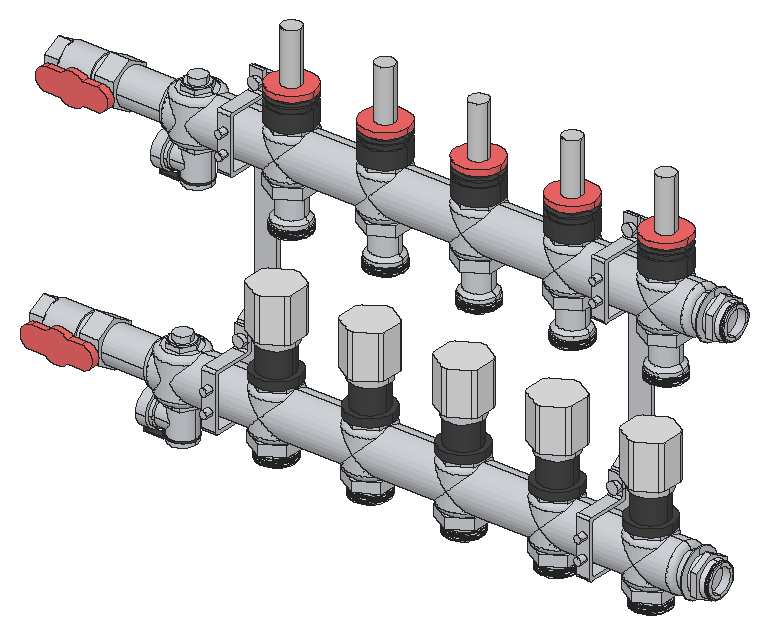
Revit family "Schlüter-BEKOTEC-THERM-HV-AS 5-fach Heizkreisvert- Anschluss-Set 16 mm", category Sanitärinstallationen, Revit 2018
Family settings
  Bemaßung runder Anschluss = Durchmesser verwenden
  Teiletyp = Normal
  OmniClass-Nummer = 23.45.00.00
  OmniClass-Titel = Sanitary, Laundry, and Cleaning Equipment
  Arbeitsebenenbasiert = Nein
  Immer vertikal = Ja
  Beim Laden mit Abzugskörper schneiden = Nein
  Gemeinsam genutzt = Nein
  Raumberechnungspunkt = Nein
Parameters
  WFU = 0
  URL = "https://www.schlueter.de/"
  Typname = "Schlüter-BEKOTEC-THERM-HV/AS 5-fach Heizkreisvert. Anschluss-Set 16 mm"
  Type Comments = ""
  Produktseite = "https://media.live.bim.site/t/eyJhbGciOiJIUzI1NiIsInR5cCI6IkpXVCJ9.eyJjdCI6MiwidHUiOiJodHRwczovL3d3dy5zY2hsdWV0ZXIuZGUvYmVrb3RlYy10aGVybS1odnRkZS5hc3B4IiwiY2lkIjoiZmVkOThlOWEtMWJkOC00YzY4LWE3M2ItNzRhOTRlMzE1ODIzIiwicmlkIjoiOWU2MTc4ZGM3NTE1MmYzNzYxM2ZmZjA1Y2Y4NGY3YzIiLCJwaWQiOiJiMGEzNDY4M2UxZDMyMWRmNTUwNTYyNTE5MGMyODk1YTNjNGUwMWNjIiwic2lkIjoiNjE5MTkiLCJ1dCI6MSwibGMiOiJkZSIsImlhdCI6MTYyMDExMDQxNywiaXNzIjoiaHR0cHM6Ly9hcGkubGl2ZS5iaW0uc2l0ZSIsInN1YiI6IjExODcxYTdjLWY3ZGMtNDU2Ny05NDA4LWZlOTk4NmFkNjkwMSJ9.iS8VoiTBOw_Y7TF8Pn0QKQ37UXhgxQa_AfENfaFdYrA"
  Nennweite DN = 25
  Model = ""
  Vent Connection = no
  Länge [mm] Number = 347000
  Kosten = 0
  KW-Verbindung = no
  Ist Zubehör = no
  Ist System = no
  Hersteller = "Schlüter-Systems"
  HeinzeBIM = "https://www.heinze.de/bim/schlueter-bekotec-therm-hv-as-5-fach-heizkreisvert-anschluss-set-16-mm/b0a34683e1d321df5505625190c2895a3c4e01cc"
  Handbuch = "https://media.live.bim.site/t/eyJhbGciOiJIUzI1NiIsInR5cCI6IkpXVCJ9.eyJjdCI6MSwidGYiOiJwdWJsaWMvc2NobHV0ZXItc3lzdGVtcy9lNTUzODVlL01vbnRhZ2VhbmxlaXR1bmdfSGVpemtyZWlzdmVydGVpbGVyX0hWVC5wZGYiLCJjaWQiOiJmZWQ5OGU5YS0xYmQ4LTRjNjgtYTczYi03NGE5NGUzMTU4MjMiLCJyaWQiOiI5ZTYxNzhkYzc1MTUyZjM3NjEzZmZmMDVjZjg0ZjdjMiIsInBpZCI6ImIwYTM0NjgzZTFkMzIxZGY1NTA1NjI1MTkwYzI4OTVhM2M0ZTAxY2MiLCJzaWQiOiI2MTkxOSIsInV0IjoyLCJsYyI6ImRlIiwiaWF0IjoxNjIwMTEwNDE3LCJpc3MiOiJodHRwczovL2FwaS5saXZlLmJpbS5zaXRlIiwic3ViIjoiMTE4NzFhN2MtZjdkYy00NTY3LTk0MDgtZmU5OTg2YWQ2OTAxIn0.Z1suKOfvp7EePa2PvGmAU4g6dd0zvWu4PeCnh3nidQo/Montageanleitung_Heizkreisverteiler_HVT.pdf"
  HZPSID = "10000136"
  HZPID = "7322457"
  HWFU = 0
  HW-Verbindung = no
  HAN = "BTHV5AS"
  GTIN = "4011832059193"
  Durchmesser [mm] = 16
  Datenblatt 2 = "https://media.live.bim.site/t/eyJhbGciOiJIUzI1NiIsInR5cCI6IkpXVCJ9.eyJjdCI6MSwidHUiOiJodHRwczovL3d3dy5oZWluemUuZGUvYXQtbWFuYWdlci9tYW5hZ2VyL2Zpcm1hLzYxOTE5LzQwMTI0OTg4IiwiY2lkIjoiZmVkOThlOWEtMWJkOC00YzY4LWE3M2ItNzRhOTRlMzE1ODIzIiwicmlkIjoiOWU2MTc4ZGM3NTE1MmYzNzYxM2ZmZjA1Y2Y4NGY3YzIiLCJwaWQiOiJiMGEzNDY4M2UxZDMyMWRmNTUwNTYyNTE5MGMyODk1YTNjNGUwMWNjIiwic2lkIjoiNjE5MTkiLCJ1dCI6MSwibGMiOiJkZSIsImlhdCI6MTYyMDExMDQxNywiaXNzIjoiaHR0cHM6Ly9hcGkubGl2ZS5iaW0uc2l0ZSIsInN1YiI6IjExODcxYTdjLWY3ZGMtNDU2Ny05NDA4LWZlOTk4NmFkNjkwMSJ9.GT56thtTnuvcvWoYcgj2ZuqHJF6yHb9Qj4A92En4oMU"
  Datenblatt 1 = "https://media.live.bim.site/t/eyJhbGciOiJIUzI1NiIsInR5cCI6IkpXVCJ9.eyJjdCI6MSwidGYiOiJwdWJsaWMvc2NobHV0ZXItc3lzdGVtcy9lNTUzODVlLzU1MTg1M19CVF9IYW5kYnVjaF9ERS5wZGYiLCJjaWQiOiJmZWQ5OGU5YS0xYmQ4LTRjNjgtYTczYi03NGE5NGUzMTU4MjMiLCJyaWQiOiI5ZTYxNzhkYzc1MTUyZjM3NjEzZmZmMDVjZjg0ZjdjMiIsInBpZCI6ImIwYTM0NjgzZTFkMzIxZGY1NTA1NjI1MTkwYzI4OTVhM2M0ZTAxY2MiLCJzaWQiOiI2MTkxOSIsInV0IjoxLCJsYyI6ImRlIiwiaWF0IjoxNjIwMTEwNDE3LCJpc3MiOiJodHRwczovL2FwaS5saXZlLmJpbS5zaXRlIiwic3ViIjoiMTE4NzFhN2MtZjdkYy00NTY3LTk0MDgtZmU5OTg2YWQ2OTAxIn0.Knh1yXc9r3V1VkLFG6nQmQM36dchn5rWcrhJaR6dM78/551853_BT_Handbuch_DE.pdf"
  Datenblatt = "https://media.live.bim.site/t/eyJhbGciOiJIUzI1NiIsInR5cCI6IkpXVCJ9.eyJjdCI6MSwidGYiOiJwdWJsaWMvc2NobHV0ZXItc3lzdGVtcy9lNTUzODVlLzU1MTI1N19CUExfQlQyMF9ERS5wZGYiLCJjaWQiOiJmZWQ5OGU5YS0xYmQ4LTRjNjgtYTczYi03NGE5NGUzMTU4MjMiLCJyaWQiOiI5ZTYxNzhkYzc1MTUyZjM3NjEzZmZmMDVjZjg0ZjdjMiIsInBpZCI6ImIwYTM0NjgzZTFkMzIxZGY1NTA1NjI1MTkwYzI4OTVhM2M0ZTAxY2MiLCJzaWQiOiI2MTkxOSIsInV0IjoxLCJsYyI6ImRlIiwiaWF0IjoxNjIwMTEwNDE3LCJpc3MiOiJodHRwczovL2FwaS5saXZlLmJpbS5zaXRlIiwic3ViIjoiMTE4NzFhN2MtZjdkYy00NTY3LTk0MDgtZmU5OTg2YWQ2OTAxIn0.NoZ0C5g0aPn6t8JxqOazeowrhIgrZY2_Hd-DCm0_oKY/551257_BPL_BT20_DE.pdf"
  CWFU = 0
  Beschreibung = "Schlüter®-BEKOTEC-THERM ist die sichere Belagskonstruktionstechnik mit geringer Aufbauhöhe. In Verbindung mit der zugehörigen Heiz- und Regeltechnik ergibt sich ein energiesparendes und schnell reagierendes Fußbodenheizsystem mit besonders niedriger Vorlauftemperatur."
  Assembly Code = ""
  Keynote = ""
  BIMSITE_PRODUCT_ID = "b0a34683e1d321df5505625190c2895a3c4e01cc"
  BIM = "https://media.live.bim.site/t/eyJhbGciOiJIUzI1NiIsInR5cCI6IkpXVCJ9.eyJjdCI6MSwidGYiOiJwdWJsaWMvc2NobHV0ZXItc3lzdGVtcy9lNTUzODVlL3NzX3Byb2RfYnRfaHZfNTUucmZhIiwiY2lkIjoiZmVkOThlOWEtMWJkOC00YzY4LWE3M2ItNzRhOTRlMzE1ODIzIiwicmlkIjoiOWU2MTc4ZGM3NTE1MmYzNzYxM2ZmZjA1Y2Y4NGY3YzIiLCJwaWQiOiJiMGEzNDY4M2UxZDMyMWRmNTUwNTYyNTE5MGMyODk1YTNjNGUwMWNjIiwic2lkIjoiNjE5MTkiLCJ1dCI6NSwibGMiOiJkZSIsImlhdCI6MTYyMDExMDQxNywiaXNzIjoiaHR0cHM6Ly9hcGkubGl2ZS5iaW0uc2l0ZSIsInN1YiI6IjExODcxYTdjLWY3ZGMtNDU2Ny05NDA4LWZlOTk4NmFkNjkwMSJ9.i99LABOz55Xdi62MMWBcD0hm7woa1kBUmiAtawhW9VU/ss_prod_bt_hv_55.rfa"
  Anzahl Heizkreise = "5"
  Abwasserrohrverbindung = no
Reference planes
  plane 1 "Center (Front/Back)": y = 0
  plane 2: z = 0
  plane 3 "Center (Left/Right)": x = 0
Forms (mm)
  Extrusion 1, solid, detail levels fine
    sketch origin (0, 0, 0) x (0, 1, 0) y (0, 0, 1)
      loop
        line (-23, -68.639) -> (-23, -143.139) -> (-20, -143.139) -> (-20, -70.22)
        arc (-20, -70.22) -> (-19.654, -68.821) -> (-18.695, -67.745) r 3
        line (-18.695, -67.745) -> (-1.305, -55.837)
        arc (-1.305, -55.837) -> (-0.346, -54.761) -> (0, -53.361) r 3
        line (0, -53.361) -> (0, 53.361)
        arc (0, 53.361) -> (-0.706, 55.294) -> (-2.491, 56.318) r 3
        arc (-2.491, 56.318) -> (-2.843, 56.647) -> (-3, 57.103) r 1
        line (-3, 57.103) -> (-3, 130.861) -> (-6, 130.861) -> (-6, 56.361)
        arc (-6, 56.361) -> (-5.121, 54.24) -> (-3, 53.361) r 3
        line (-3, 53.361) -> (-3, -51.78)
        arc (-3, -51.78) -> (-3.346, -53.179) -> (-4.305, -54.255) r 3
        line (-4.305, -54.255) -> (-21.695, -66.163)
        arc (-21.695, -66.163) -> (-22.654, -67.239) -> (-23, -68.639) r 3
    from 0 to 20
  Extrusion 2, solid, detail levels fine
    sketch origin (0, 0, 0) x (0, 1, 0) y (0, 0, 1)
      loop
        arc (-48, 116.861) -> (-49.414, 116.276) -> (-50, 114.861) r 2
        line (-50, 114.861) -> (-50, 67.861)
        arc (-50, 67.861) -> (-49.414, 66.447) -> (-48, 65.861) r 2
        line (-48, 65.861) -> (-8, 65.861) -> (-8, 68.361) -> (-45.5, 68.361)
        arc (-45.5, 68.361) -> (-46.914, 68.947) -> (-47.5, 70.361) r 2
        line (-47.5, 70.361) -> (-47.5, 112.361)
        arc (-47.5, 112.361) -> (-46.914, 113.776) -> (-45.5, 114.361) r 2
        line (-45.5, 114.361) -> (-13, 114.361)
        arc (-13, 114.361) -> (-11.586, 114.947) -> (-11, 116.361) r 2
        line (-11, 116.361) -> (-11, 135.861) -> (-13.5, 135.861) -> (-13.5, 118.861)
        arc (-13.5, 118.861) -> (-14.086, 117.447) -> (-15.5, 116.861) r 2
        line (-15.5, 116.861) -> (-48, 116.861)
    from 4 to 16
  Extrusion 3, solid, detail levels fine
    sketch origin (6.5, 0, 0) x (0, 1, 0) y (0, 0, 1)
      loop
        line (1, 60.061) -> (1, 65.361)
        arc (1, 65.361) -> (0.121, 67.483) -> (-2, 68.361) r 3
        line (-2, 68.361) -> (-8, 68.361) -> (-8, 65.861) -> (-4.5, 65.861)
        arc (-4.5, 65.861) -> (-2.379, 64.983) -> (-1.5, 62.861) r 3
        line (-1.5, 62.861) -> (-1.5, 60.061) -> (1, 60.061)
    from 0 to 7
  Extrusion 4, solid, detail levels fine
    sketch origin (0, -17, -200) x (0, 1, 0) y (0, 0, 1)
      loop
        arc (-48, 116.861) -> (-49.414, 116.276) -> (-50, 114.861) r 2
        line (-50, 114.861) -> (-50, 67.861)
        arc (-50, 67.861) -> (-49.414, 66.447) -> (-48, 65.861) r 2
        line (-48, 65.861) -> (-8, 65.861) -> (-8, 68.361) -> (-45.5, 68.361)
        arc (-45.5, 68.361) -> (-46.914, 68.947) -> (-47.5, 70.361) r 2
        line (-47.5, 70.361) -> (-47.5, 112.361)
        arc (-47.5, 112.361) -> (-46.914, 113.776) -> (-45.5, 114.361) r 2
        line (-45.5, 114.361) -> (-13, 114.361)
        arc (-13, 114.361) -> (-11.586, 114.947) -> (-11, 116.361) r 2
        line (-11, 116.361) -> (-11, 135.861) -> (-13.5, 135.861) -> (-13.5, 118.861)
        arc (-13.5, 118.861) -> (-14.086, 117.447) -> (-15.5, 116.861) r 2
        line (-15.5, 116.861) -> (-48, 116.861)
    from 4 to 16
  Extrusion 5, solid, detail levels fine
    sketch origin (6.5, -17, -200) x (0, 1, 0) y (0, 0, 1)
      loop
        line (1, 60.061) -> (1, 65.361)
        arc (1, 65.361) -> (0.121, 67.483) -> (-2, 68.361) r 3
        line (-2, 68.361) -> (-8, 68.361) -> (-8, 65.861) -> (-4.5, 65.861)
        arc (-4.5, 65.861) -> (-2.379, 64.983) -> (-1.5, 62.861) r 3
        line (-1.5, 62.861) -> (-1.5, 60.061) -> (1, 60.061)
    from 0 to 7
  Extrusion 6, solid, detail levels fine
    sketch origin (-0.166, -2, 0) x (1, 0, 0) y (0, 0, 1)
      loop
        circle (10.166, 124.986) r 3
    from 0 to 7.4
  Extrusion 7, solid, detail levels fine
    sketch origin (0, -5.3, 0) x (1, 0, 0) y (0, 0, 1)
      loop
        circle (10, 124.986) r 5
    from 4.1 to 12
  Extrusion 8, solid, detail levels fine
    sketch origin (0, 3, -2.465) x (1, 0, 0) y (0, 0, 1)
      loop
        circle (10, 103.45) r 3.1
    from 0 to 6
  Extrusion 9, solid, detail levels fine
    sketch origin (0, 3, -20.465) x (1, 0, 0) y (0, 0, 1)
      loop
        circle (10, 103.45) r 3.1
    from 0 to 6
  Extrusion 10, solid, detail levels fine
    sketch origin (0, -50, -2.465) x (1, 0, 0) y (0, 0, 1)
      loop
        circle (10, 103.45) r 3.1
    from 0 to 6.5
  Extrusion 11, solid, detail levels fine
    sketch origin (0, -50, -20.465) x (1, 0, 0) y (0, 0, 1)
      loop
        circle (10, 103.45) r 3.1
    from 0 to 6.5
  Extrusion 12, solid, detail levels fine
    sketch origin (-0.166, -19, -200) x (1, 0, 0) y (0, 0, 1)
      loop
        circle (10.166, 124.986) r 3
    from 0 to 7.4
  Extrusion 13, solid, detail levels fine
    sketch origin (0, -22.3, -200) x (1, 0, 0) y (0, 0, 1)
      loop
        circle (10, 124.986) r 5
    from 4.1 to 12
  Extrusion 14, solid, detail levels fine
    sketch origin (0, -14, -202.465) x (1, 0, 0) y (0, 0, 1)
      loop
        circle (10, 103.45) r 3.1
    from 0 to 6
  Extrusion 15, solid, detail levels fine
    sketch origin (0, -14, -220.465) x (1, 0, 0) y (0, 0, 1)
      loop
        circle (10, 103.45) r 3.1
    from 0 to 6
  Extrusion 16, solid, detail levels fine
    sketch origin (0, -67, -202.465) x (1, 0, 0) y (0, 0, 1)
      loop
        circle (10, 103.45) r 3.1
    from 0 to 6.5
  Extrusion 17, solid, detail levels fine
    sketch origin (0, -67, -220.465) x (1, 0, 0) y (0, 0, 1)
      loop
        circle (10, 103.45) r 3.1
    from 0 to 6.5
  Extrusion 18, solid, detail levels medium
    sketch origin (0, 0, 0) x (0, 1, 0) y (0, 0, 1)
      loop
        line (-3, 56.361) -> (-3, 130.861) -> (-6, 130.861) -> (-6, 53.361) -> (-3, 53.361) -> (-3, -67.22) -> (-23, -67.22) -> (-23, -143.139) -> (-20, -143.139) -> (-20, -70.22) -> (0, -70.22) -> (0, 56.361) -> (-3, 56.361)
    from 0 to 20
  Extrusion 19, solid, detail levels medium
    sketch origin (0, 0, 0) x (0, 1, 0) y (0, 0, 1)
      loop
        line (-67, -134.139) -> (-23, -134.139) -> (-23, -131.639) -> (-64.5, -131.639) -> (-64.5, -85.639) -> (-28, -85.639) -> (-28, -80.639) -> (-23, -80.639) -> (-23, -69.894) -> (-28, -69.894) -> (-28, -64.139) -> (-30.5, -64.139) -> (-30.5, -83.139) -> (-67, -83.139) -> (-67, -134.139)
    from 4 to 16
  Extrusion 20, solid, detail levels medium
    sketch origin (0, 17, 200) x (0, 1, 0) y (0, 0, 1)
      loop
        line (-67, -134.139) -> (-23, -134.139) -> (-23, -131.639) -> (-64.5, -131.639) -> (-64.5, -85.639) -> (-28, -85.639) -> (-28, -80.639) -> (-23, -80.639) -> (-23, -69.894) -> (-28, -69.894) -> (-28, -64.139) -> (-30.5, -64.139) -> (-30.5, -83.139) -> (-67, -83.139) -> (-67, -134.139)
    from 4 to 16
  Extrusion 21, solid, detail levels fine
    sketch origin (336, 0, 0) x (0, 1, 0) y (0, 0, 1)
      loop
        line (-23, -68.639) -> (-23, -143.139) -> (-20, -143.139) -> (-20, -70.22)
        arc (-20, -70.22) -> (-19.654, -68.821) -> (-18.695, -67.745) r 3
        line (-18.695, -67.745) -> (-1.305, -55.837)
        arc (-1.305, -55.837) -> (-0.346, -54.761) -> (0, -53.361) r 3
        line (0, -53.361) -> (0, 53.361)
        arc (0, 53.361) -> (-0.706, 55.294) -> (-2.491, 56.318) r 3
        arc (-2.491, 56.318) -> (-2.843, 56.647) -> (-3, 57.103) r 1
        line (-3, 57.103) -> (-3, 130.861) -> (-6, 130.861) -> (-6, 56.361)
        arc (-6, 56.361) -> (-5.121, 54.24) -> (-3, 53.361) r 3
        line (-3, 53.361) -> (-3, -51.78)
        arc (-3, -51.78) -> (-3.346, -53.179) -> (-4.305, -54.255) r 3
        line (-4.305, -54.255) -> (-21.695, -66.163)
        arc (-21.695, -66.163) -> (-22.654, -67.239) -> (-23, -68.639) r 3
    from 0 to 20
  Extrusion 22, solid, detail levels fine
    sketch origin (336, 0, 0) x (0, 1, 0) y (0, 0, 1)
      loop
        arc (-48, 116.861) -> (-49.414, 116.276) -> (-50, 114.861) r 2
        line (-50, 114.861) -> (-50, 67.861)
        arc (-50, 67.861) -> (-49.414, 66.447) -> (-48, 65.861) r 2
        line (-48, 65.861) -> (-8, 65.861) -> (-8, 68.361) -> (-45.5, 68.361)
        arc (-45.5, 68.361) -> (-46.914, 68.947) -> (-47.5, 70.361) r 2
        line (-47.5, 70.361) -> (-47.5, 112.361)
        arc (-47.5, 112.361) -> (-46.914, 113.776) -> (-45.5, 114.361) r 2
        line (-45.5, 114.361) -> (-13, 114.361)
        arc (-13, 114.361) -> (-11.586, 114.947) -> (-11, 116.361) r 2
        line (-11, 116.361) -> (-11, 135.861) -> (-13.5, 135.861) -> (-13.5, 118.861)
        arc (-13.5, 118.861) -> (-14.086, 117.447) -> (-15.5, 116.861) r 2
        line (-15.5, 116.861) -> (-48, 116.861)
    from 4 to 16
  Extrusion 23, solid, detail levels fine
    sketch origin (342.5, 0, 0) x (0, 1, 0) y (0, 0, 1)
      loop
        line (1, 60.061) -> (1, 65.361)
        arc (1, 65.361) -> (0.121, 67.483) -> (-2, 68.361) r 3
        line (-2, 68.361) -> (-8, 68.361) -> (-8, 65.861) -> (-4.5, 65.861)
        arc (-4.5, 65.861) -> (-2.379, 64.983) -> (-1.5, 62.861) r 3
        line (-1.5, 62.861) -> (-1.5, 60.061) -> (1, 60.061)
    from 0 to 7
  Extrusion 24, solid, detail levels fine
    sketch origin (336, -17, -200) x (0, 1, 0) y (0, 0, 1)
      loop
        arc (-48, 116.861) -> (-49.414, 116.276) -> (-50, 114.861) r 2
        line (-50, 114.861) -> (-50, 67.861)
        arc (-50, 67.861) -> (-49.414, 66.447) -> (-48, 65.861) r 2
        line (-48, 65.861) -> (-8, 65.861) -> (-8, 68.361) -> (-45.5, 68.361)
        arc (-45.5, 68.361) -> (-46.914, 68.947) -> (-47.5, 70.361) r 2
        line (-47.5, 70.361) -> (-47.5, 112.361)
        arc (-47.5, 112.361) -> (-46.914, 113.776) -> (-45.5, 114.361) r 2
        line (-45.5, 114.361) -> (-13, 114.361)
        arc (-13, 114.361) -> (-11.586, 114.947) -> (-11, 116.361) r 2
        line (-11, 116.361) -> (-11, 135.861) -> (-13.5, 135.861) -> (-13.5, 118.861)
        arc (-13.5, 118.861) -> (-14.086, 117.447) -> (-15.5, 116.861) r 2
        line (-15.5, 116.861) -> (-48, 116.861)
    from 4 to 16
  Extrusion 25, solid, detail levels fine
    sketch origin (342.5, -17, -200) x (0, 1, 0) y (0, 0, 1)
      loop
        line (1, 60.061) -> (1, 65.361)
        arc (1, 65.361) -> (0.121, 67.483) -> (-2, 68.361) r 3
        line (-2, 68.361) -> (-8, 68.361) -> (-8, 65.861) -> (-4.5, 65.861)
        arc (-4.5, 65.861) -> (-2.379, 64.983) -> (-1.5, 62.861) r 3
        line (-1.5, 62.861) -> (-1.5, 60.061) -> (1, 60.061)
    from 0 to 7
  Extrusion 26, solid, detail levels fine
    sketch origin (335.834, -2, 0) x (1, 0, 0) y (0, 0, 1)
      loop
        circle (10.166, 124.986) r 3
    from 0 to 7.4
  Extrusion 27, solid, detail levels fine
    sketch origin (336, -5.3, 0) x (1, 0, 0) y (0, 0, 1)
      loop
        circle (10, 124.986) r 5
    from 4.1 to 12
  Extrusion 28, solid, detail levels fine
    sketch origin (336, 3, -2.465) x (1, 0, 0) y (0, 0, 1)
      loop
        circle (10, 103.45) r 3.1
    from 0 to 6
  Extrusion 29, solid, detail levels fine
    sketch origin (336, 3, -20.465) x (1, 0, 0) y (0, 0, 1)
      loop
        circle (10, 103.45) r 3.1
    from 0 to 6
  Extrusion 30, solid, detail levels fine
    sketch origin (336, -50, -2.465) x (1, 0, 0) y (0, 0, 1)
      loop
        circle (10, 103.45) r 3.1
    from 0 to 6.5
  Extrusion 31, solid, detail levels fine
    sketch origin (336, -50, -20.465) x (1, 0, 0) y (0, 0, 1)
      loop
        circle (10, 103.45) r 3.1
    from 0 to 6.5
  Extrusion 32, solid, detail levels fine
    sketch origin (335.834, -19, -200) x (1, 0, 0) y (0, 0, 1)
      loop
        circle (10.166, 124.986) r 3
    from 0 to 7.4
  Extrusion 33, solid, detail levels fine
    sketch origin (336, -22.3, -200) x (1, 0, 0) y (0, 0, 1)
      loop
        circle (10, 124.986) r 5
    from 4.1 to 12
  Extrusion 34, solid, detail levels fine
    sketch origin (336, -14, -202.465) x (1, 0, 0) y (0, 0, 1)
      loop
        circle (10, 103.45) r 3.1
    from 0 to 6
  Extrusion 35, solid, detail levels fine
    sketch origin (336, -14, -220.465) x (1, 0, 0) y (0, 0, 1)
      loop
        circle (10, 103.45) r 3.1
    from 0 to 6
  Extrusion 36, solid, detail levels fine
    sketch origin (336, -67, -202.465) x (1, 0, 0) y (0, 0, 1)
      loop
        circle (10, 103.45) r 3.1
    from 0 to 6.5
  Extrusion 37, solid, detail levels fine
    sketch origin (336, -67, -220.465) x (1, 0, 0) y (0, 0, 1)
      loop
        circle (10, 103.45) r 3.1
    from 0 to 6.5
  Extrusion 38, solid, detail levels medium
    sketch origin (336, 0, 0) x (0, 1, 0) y (0, 0, 1)
      loop
        line (-3, 56.361) -> (-3, 130.861) -> (-6, 130.861) -> (-6, 53.361) -> (-3, 53.361) -> (-3, -67.22) -> (-23, -67.22) -> (-23, -143.139) -> (-20, -143.139) -> (-20, -70.22) -> (0, -70.22) -> (0, 56.361) -> (-3, 56.361)
    from 0 to 20
  Extrusion 39, solid, detail levels medium
    sketch origin (336, 0, 0) x (0, 1, 0) y (0, 0, 1)
      loop
        line (-67, -134.139) -> (-23, -134.139) -> (-23, -131.639) -> (-64.5, -131.639) -> (-64.5, -85.639) -> (-28, -85.639) -> (-28, -80.639) -> (-23, -80.639) -> (-23, -69.894) -> (-28, -69.894) -> (-28, -64.139) -> (-30.5, -64.139) -> (-30.5, -83.139) -> (-67, -83.139) -> (-67, -134.139)
    from 4 to 16
  Extrusion 40, solid, detail levels medium
    sketch origin (336, 17, 200) x (0, 1, 0) y (0, 0, 1)
      loop
        line (-67, -134.139) -> (-23, -134.139) -> (-23, -131.639) -> (-64.5, -131.639) -> (-64.5, -85.639) -> (-28, -85.639) -> (-28, -80.639) -> (-23, -80.639) -> (-23, -69.894) -> (-28, -69.894) -> (-28, -64.139) -> (-30.5, -64.139) -> (-30.5, -83.139) -> (-67, -83.139) -> (-67, -134.139)
    from 4 to 16
  Extrusion 41, solid, detail levels coarse
    sketch origin (0, 0, 0) x (1, 0, 0) y (0, 0, 1)
      loop
        line (-157.093, 190.571) -> (-157.093, -168.634) -> (450.962, -168.634) -> (450.962, 190.571) -> (-157.093, 190.571)
    from -3 to 73.5
Dimensions and locks
  aligned and locked: level to plane 2
Nested families
  nested 1: "Mid_Part" at (423, -26.75, 91.361), type "Mid_Part"
  nested 2: "Mid_Part" at (423, -43.75, -108.639), type "Mid_Part"
  nested 3: "Pipe_Fitting_1" at (52, -26.75, 90.571), type "Pipe_Fitting_1"
  nested 4: "Pipe_Fitting_1" at (136, -26.75, 90.571), type "Pipe_Fitting_1"
  nested 5: "Pipe_Fitting_1" at (220, -26.75, 90.571), type "Pipe_Fitting_1"
  nested 6: "Pipe_Fitting_1" at (304, -26.75, 90.571), type "Pipe_Fitting_1"
  nested 7: "Pipe_Fitting_1" at (388, -26.75, 90.571), type "Pipe_Fitting_1"
  nested 8: "Pipe_Fitting_2" at (52, -43.75, -108.639), type "Pipe_Fitting_2"
  nested 9: "Pipe_Fitting_2" at (136, -43.75, -108.639), type "Pipe_Fitting_2"
  nested 10: "Pipe_Fitting_2" at (220, -43.75, -108.639), type "Pipe_Fitting_2"
  nested 11: "Pipe_Fitting_2" at (304, -43.75, -108.639), type "Pipe_Fitting_2"
  nested 12: "Pipe_Fitting_2" at (388, -43.75, -108.639), type "Pipe_Fitting_2"
Definition of nested family "Mid_Part"
  Reference planes
    plane 1 "Center (Front/Back)": y = 0
    plane 2: z = 0
    plane 3 "Center (Left/Right)": x = 0
    plane 4: x = -476
  Forms (mm)
    Revolve 1, solid, detail levels fine
      sketch origin (0, 0, 0) x (1, 0, 0) y (0, 0, 1)
        loop
          line (-476, 15.5) -> (-476, 0) -> (9, 0) -> (9, 11) -> (27.962, 11) -> (27.962, 13.5) -> (27.566, 14.25) -> (27.17, 13.5) -> (26.774, 14.25) -> (26.377, 13.5) -> (25.981, 14.25) -> (25.585, 13.5) -> (25.189, 14.25) -> (24.792, 13.5) -> (9, 13.5) -> (9, 20.5) -> (8, 20.5) -> (8, 15.5) -> (0, 15.5)
          arc (0, 15.5) -> (-1.464, 19.036) -> (-5, 20.5) r 5
          line (-5, 20.5) -> (-471, 20.5)
          arc (-471, 20.5) -> (-474.536, 19.036) -> (-476, 15.5) r 5
        axis (-476, 0) -> (27.962, 0)
      angle from 0 to 360
    Revolve 2, solid, detail levels fine
      sketch origin (-35, 0, 0) x (1, 0, 0) y (0, 0, 1)
        loop
          line (44, 13.5) -> (59.792, 13.5) -> (59.792, 14.382) -> (54.839, 15.063) -> (54.195, 15.983) -> (49, 15.983) -> (44, 15.028) -> (44, 13.5)
        axis (44, 0) -> (59.792, 0)
      angle from 0 to 360
    Extrusion 3, solid, detail levels medium+fine
      sketch origin (-35, 0, 0) x (0, 1, 0) y (0, 0, 1)
        loop
          line (-16.5, -9.526) -> (0, -19.053) -> (16.5, -9.526) -> (16.5, 9.526) -> (0, 19.053) -> (-16.5, 9.526) -> (-16.5, -9.526)
      from 49 to 54.839
    Extrusion 4, solid, detail levels medium
      sketch origin (0, 0, 0) x (0, 1, 0) y (0, 0, 1)
        loop
          circle (0, 0) r 21
      from -476 to 0
    Extrusion 5, solid, detail levels medium
      sketch origin (-35, 0, 0) x (0, 1, 0) y (0, 0, 1)
        loop
          circle (0, 0) r 16
      from 35 to 62.962
  Dimensions and locks
    locked: plane 3 "Center (Left/Right)" to plane 4 at 476
    aligned and locked: level to plane 2
    aligned and locked: nested 1 to plane 4
  Nested families
    nested 1: "Tap" at (-476, 0, 0) x (-1, 0, 0) z (0, 0, 1), type "Tap"
    nested 2: "Knob" at (-455, 0, -38.496) x (-1, 0, 0) z (0, 0, 1), type "Knob"
  Definition of nested family "Tap"
    Reference planes
      plane 1 "Center (Front/Back)": y = 0
      plane 2: z = 0
      plane 3 "Center (Left/Right)": x = 0
    Forms (mm)
      Extrusion 1, solid, detail levels fine
        sketch origin (0, 0, 0) x (0, 1, 0) y (0, 0, 1)
          loop
            circle (0, 0) r 16
        from 0 to 40
      Extrusion 2, solid, detail levels fine
        sketch origin (0, 0, 0) x (0, 1, 0) y (0, 0, 1)
          loop
            line (-18, -10.392) -> (0, -20.785) -> (18, -10.392) -> (18, 10.392) -> (0, 20.785) -> (-18, 10.392) -> (-18, -10.392)
        from 40 to 57
      Extrusion 3, solid, detail levels fine
        sketch origin (0, 0, 0) x (0, 1, 0) y (0, 0, 1)
          loop
            circle (0, 0) r 16.5
        from 57 to 63
      Extrusion 4, solid, detail levels fine
        sketch origin (0, 0, 0) x (0, 1, 0) y (0, 0, 1)
          loop
            circle (0, 0) r 17
        from 63 to 92
      Extrusion 5, solid, detail levels fine
        sketch origin (0, 0, 0) x (0, 1, 0) y (0, 0, 1)
          loop
            line (-15, -8.66) -> (0, -17.321) -> (15, -8.66) -> (15, 8.66) -> (0, 17.321) -> (-15, 8.66) -> (-15, -8.66)
        from 92 to 104.093
      Extrusion 6, solid, detail levels medium+fine
        sketch origin (0, 0, 0) x (1, 0, 0) y (0, 0, -1)
          loop
            circle (68.235, 0) r 6
        from 0 to 24
      Extrusion 7, solid, detail levels fine
        sketch origin (0, 54, 0) x (1, 0, 0) y (0, 0, 1)
          loop
            arc (45.601, 10) -> (35.601, 0) -> (45.601, -10) r 10
            line (45.601, -10) -> (58.437, -10)
            arc (58.437, -10) -> (68.235, -14) -> (78.033, -10) r 14
            line (78.033, -10) -> (90.87, -10)
            arc (90.87, -10) -> (100.87, 0) -> (90.87, 10) r 10
            line (90.87, 10) -> (78.033, 10)
            arc (78.033, 10) -> (68.235, 14) -> (58.437, 10) r 14
            line (58.437, 10) -> (45.601, 10)
        from 24 to 30
      Extrusion 8, solid, detail levels medium
        sketch origin (0, 0, 0) x (0, 1, 0) y (0, 0, 1)
          loop
            circle (0, 0) r 16
        from 0 to 104.093
      Extrusion 9, solid, detail levels medium
        sketch origin (0, 54, 0) x (1, 0, 0) y (0, 0, 1)
          loop
            line (35.564, -14.135) -> (101.037, -14.135) -> (101.037, 14.04) -> (35.564, 14.04) -> (35.564, -14.135)
        from 24 to 30
    Dimensions and locks
      aligned and locked: plane 2 to level
  Definition of nested family "Knob"
    Reference planes
      plane 1 "Center (Front/Back)": y = 0
      plane 2: z = 0
      plane 3 "Center (Left/Right)": x = 0
    Forms (mm)
      Extrusion 1, solid, detail levels fine
        sketch origin (0, 0, 63.04) x (1, 0, 0) y (0, 1, 0)
          loop
            circle (0, 0) r 7.5
        from 1 to 6
      Extrusion 2, solid, detail levels fine
        sketch origin (0, 0, 0) x (1, 0, 0) y (0, 1, 0)
          loop
            circle (0, 0) r 12
        from -12.5 to 12.5
      Extrusion 3, solid, detail levels medium+fine
        sketch origin (0, 0, 0) x (1, 0, 0) y (0, 1, 0)
          loop
            circle (0, 0) r 12.5
        from -12.5 to -13.5
      Extrusion 4, solid, detail levels fine
        sketch origin (0, 0, -26) x (1, 0, 0) y (0, 1, 0)
          loop
            circle (0, 0) r 12
        from 8.5 to 12.5
      Extrusion 5, solid, detail levels fine
        sketch origin (-2.5, 2.5, 0) x (1, 0, 0) y (0, 1, 0)
          loop
            line (0, 0) -> (0, -5) -> (5, -5) -> (5, 0) -> (0, 0)
        from -17.5 to -21.5
      Extrusion 6, solid, detail levels fine
        sketch origin (0, 0, 0) x (1, 0, 0) y (0, 1, 0)
          loop
            line (7.217, -12.5) -> (14.434, 0) -> (7.217, 12.5) -> (-7.217, 12.5) -> (-14.434, 0) -> (-7.217, -12.5) -> (7.217, -12.5)
        from 12.5 to 18
      Extrusion 7, solid, detail levels fine
        sketch origin (0, 0, 0.04) x (1, 0, 0) y (0, 1, 0)
          loop
            line (6.351, -11) -> (12.702, 0) -> (6.351, 11) -> (-6.351, 11) -> (-12.702, 0) -> (-6.351, -11) -> (6.351, -11)
        from 59 to 63
      Extrusion 8, solid, detail levels fine
        sketch origin (0, 0, 0.04) x (1, 0, 0) y (0, 1, 0)
          loop
            circle (0, 0) r 10.5
        from 63 to 64
      Extrusion 9, solid, detail levels fine
        sketch origin (0, 0, 0) x (0, 1, 0) y (0, 0, 1)
          loop
            circle (0, 0) r 11.5
        from 0 to 17.2
      Extrusion 10, solid, detail levels fine
        sketch origin (0, 0, 0) x (0, 1, 0) y (0, 0, 1)
          loop
            circle (0, 0) r 13
        from 17.2 to 21.2
      Extrusion 11, solid, detail levels medium+fine
        sketch origin (0, 0, 0) x (0, 1, 0) y (0, 0, 1)
          loop
            circle (0, 0) r 15
        from 21.2 to 30.2
      Extrusion 12, solid, detail levels fine
        sketch origin (0, 0, 0) x (0, 1, 0) y (0, 0, 1)
          loop
            circle (0, 0) r 5
        from 30.2 to 31.2
      Extrusion 13, solid, detail levels medium+fine
        sketch origin (0, 0, 0) x (0, 1, 0) y (0, 0, 1)
          loop
            circle (0, 0) r 5.5
        from 31.2 to 32.2
      Extrusion 14, solid, detail levels fine
        sketch origin (0, 0, 0) x (0, 1, 0) y (0, 0, 1)
          loop
            circle (0, 0) r 5
        from 32.2 to 34.6
      Extrusion 15, solid, detail levels medium+fine
        sketch origin (0, 0, 0) x (1, 0, 0) y (0, 0, 1)
          loop
            line (0, -12.5) -> (0, -13.5) -> (15, -13.5) -> (15, -20.5) -> (32.2, -20.5) -> (32.2, 0) -> (31.2, 0) -> (31.2, -19.5) -> (16, -19.5) -> (16, -12.5) -> (0, -12.5)
        from -3 to 3
      Extrusion 16, solid, detail levels medium
        sketch origin (0, 0, 0) x (1, 0, 0) y (0, 1, 0)
          loop
            circle (0, 0) r 12
        from -17.5 to 63.04
      Extrusion 17, solid, detail levels medium
        sketch origin (0, 0, 64.04) x (1, 0, 0) y (0, 1, 0)
          loop
            circle (0, 0) r 7.5
        from -1 to 5
      Extrusion 18, solid, detail levels medium+fine
        sketch origin (0, 0, 26) x (1, 0, 0) y (0, 1, 0)
          loop
            circle (0, 0) r 12.5
        from -8 to -13.5
      Extrusion 19, solid, detail levels medium
        sketch origin (0, 0, 0) x (0, 1, 0) y (0, 0, 1)
          loop
            circle (0, 0) r 11.5
        from 0 to 21.2
      Extrusion 20, solid, detail levels medium
        sketch origin (0, 0, 0) x (0, 1, 0) y (0, 0, 1)
          loop
            circle (0, 0) r 5
        from 30.2 to 34.6
      Revolve 21, solid, detail levels fine
        sketch origin (0, 0, 0) x (1, 0, 0) y (0, 0, 1)
          loop
            line (0, 59) -> (-16, 59)
            arc (-16, 59) -> (-19.536, 57.536) -> (-21, 54) r 5
            line (-21, 54) -> (-21, 23)
            arc (-21, 23) -> (-19.536, 19.464) -> (-16, 18) r 5
            line (-16, 18) -> (0, 18) -> (0, 59)
          axis (0, 59) -> (0, 18)
        angle from 0 to 360
      Extrusion 22, solid, detail levels medium
        sketch origin (0, 0, 0) x (1, 0, 0) y (0, 1, 0)
          loop
            circle (0, 0) r 21
        from 18 to 59.04
    Dimensions and locks
      aligned and locked: plane 2 to level
Definition of nested family "Pipe_Fitting_1"
  Reference planes
    plane 1 "Center (Front/Back)": y = 0
    plane 2: z = 0
    plane 3 "Center (Left/Right)": x = 0
  Forms (mm)
    Revolve 1, solid, detail levels fine
      sketch origin (0, 0, 0) x (1, 0, 0) y (0, 0, 1)
        loop
          arc (-15.5, 20.5) -> (-19.036, 19.036) -> (-20.5, 15.5) r 5
          line (-20.5, 15.5) -> (-20.5, -15.5)
          arc (-20.5, -15.5) -> (-19.036, -19.036) -> (-15.5, -20.5) r 5
          line (-15.5, -20.5) -> (0, -20.5) -> (0, 20.5) -> (-15.5, 20.5)
        axis (0, 20.5) -> (0, -20.5)
      angle from 0 to 360
    Extrusion 2, solid, detail levels fine
      sketch origin (0, 0, 0) x (1, 0, 0) y (0, 1, 0)
        loop
          line (17, 9.815) -> (0, 19.63) -> (-17, 9.815) -> (-17, -9.815) -> (0, -19.63) -> (17, -9.815) -> (17, 9.815)
      from 20.5 to 24
    Revolve 3, solid, detail levels fine
      sketch origin (0, 0, 0) x (1, 0, 0) y (0, 0, 1)
        loop
          line (0, 24) -> (0, 49) -> (-15, 49) -> (-15, 45) -> (-20, 45) -> (-20, 44) -> (-18, 44) -> (-18, 39) -> (-20, 39) -> (-20, 24) -> (0, 24)
        axis (0, 49) -> (0, 24)
      angle from 0 to 360
    Extrusion 4, solid, detail levels medium+fine
      sketch origin (0, 0, 0) x (1, 0, 0) y (0, 1, 0)
        loop
          circle (0, 0) r 20
      from 49 to 54
    Extrusion 5, solid, detail levels medium+fine
      sketch origin (0, 0, 0) x (1, 0, 0) y (0, 1, 0)
        loop
          circle (0, 0) r 8
      from 54 to 100
    Extrusion 6, solid, detail levels fine
      sketch origin (0, 0, 0) x (1, 0, 0) y (0, 1, 0)
        loop
          line (18, 10.392) -> (0, 20.785) -> (-18, 10.392) -> (-18, -10.392) -> (0, -20.785) -> (18, -10.392) -> (18, 10.392)
      from -20.5 to -30
    Extrusion 7, solid, detail levels fine
      sketch origin (0, 0, 0) x (1, 0, 0) y (0, 1, 0)
        loop
          circle (0, 0) r 12
      from -30 to -50
    Revolve 8, solid, detail levels fine
      sketch origin (0, 0, 0) x (1, 0, 0) y (0, 0, 1)
        loop
          line (-12, -50) -> (-15.536, -53.536) -> (-15.536, -56.536) -> (-16.336, -56.997) -> (-15.536, -57.459) -> (-16.336, -57.921) -> (-15.536, -58.383) -> (-16.336, -58.845) -> (-15.536, -59.307) -> (-16.336, -59.769) -> (-15.536, -60.231) -> (-16.336, -60.692) -> (-15.536, -61.154) -> (-16.336, -61.616) -> (-15.536, -62.078) -> (-16.336, -62.54) -> (-15.536, -63.002) -> (-16.336, -63.464) -> (-15.536, -63.926) -> (-13.036, -63.926) -> (-13.036, -53.499) -> (0, -53.499) -> (0, -50) -> (-12, -50)
        axis (0, -50) -> (0, -63.926)
      angle from 0 to 360
    Extrusion 9, solid, detail levels medium
      sketch origin (0, 0, 0) x (1, 0, 0) y (0, 1, 0)
        loop
          circle (0, 0) r 20
      from 24 to 49
    Extrusion 10, solid, detail levels medium
      sketch origin (0, 0, 0) x (1, 0, 0) y (0, 1, 0)
        loop
          circle (0, 0) r 21
      from -30 to 24
    Extrusion 11, solid, detail levels medium
      sketch origin (0, 0, 0) x (1, 0, 0) y (0, 1, 0)
        loop
          circle (0, 0) r 16
      from -63.926 to -30
  Dimensions and locks
    aligned and locked: level to plane 2
Definition of nested family "Pipe_Fitting_2"
  Reference planes
    plane 1 "Center (Front/Back)": y = 0
    plane 2: z = 0
    plane 3 "Center (Left/Right)": x = 0
  Forms (mm)
    Revolve 1, solid, detail levels fine
      sketch origin (0, 0, 0) x (1, 0, 0) y (0, 0, 1)
        loop
          arc (-15.5, 20.5) -> (-19.036, 19.036) -> (-20.5, 15.5) r 5
          line (-20.5, 15.5) -> (-20.5, -15.5)
          arc (-20.5, -15.5) -> (-19.036, -19.036) -> (-15.5, -20.5) r 5
          line (-15.5, -20.5) -> (0, -20.5) -> (0, 20.5) -> (-15.5, 20.5)
        axis (0, 20.5) -> (0, -20.5)
      angle from 0 to 360
    Extrusion 2, solid, detail levels fine
      sketch origin (0, 0, 0) x (1, 0, 0) y (0, 1, 0)
        loop
          line (17, 9.815) -> (0, 19.63) -> (-17, 9.815) -> (-17, -9.815) -> (0, -19.63) -> (17, -9.815) -> (17, 9.815)
      from 20.5 to 24
    Extrusion 3, solid, detail levels fine
      sketch origin (0, 0, 0) x (1, 0, 0) y (0, 1, 0)
        loop
          line (18, 10.392) -> (0, 20.785) -> (-18, 10.392) -> (-18, -10.392) -> (0, -20.785) -> (18, -10.392) -> (18, 10.392)
      from -20.5 to -30
    Revolve 4, solid, detail levels fine
      sketch origin (0, 0, 23.499) x (1, 0, 0) y (0, 0, 1)
        loop
          line (-15.536, -53.499) -> (-15.536, -56.536) -> (-16.336, -56.997) -> (-15.536, -57.459) -> (-16.336, -57.921) -> (-15.536, -58.383) -> (-16.336, -58.845) -> (-15.536, -59.307) -> (-16.336, -59.769) -> (-15.536, -60.231) -> (-16.336, -60.692) -> (-15.536, -61.154) -> (-16.336, -61.616) -> (-15.536, -62.078) -> (-16.336, -62.54) -> (-15.536, -63.002) -> (-16.336, -63.464) -> (-15.536, -63.926) -> (-13.036, -63.926) -> (-13.036, -53.499) -> (-15.536, -53.499)
        axis (0, -53.499) -> (0, -63.926)
      angle from 0 to 360
    Extrusion 5, solid, detail levels fine
      sketch origin (0, 0, 0) x (1, 0, 0) y (0, 1, 0)
        loop
          circle (0, 0) r 20
      from 24 to 30.964
    Extrusion 6, solid, detail levels fine
      sketch origin (0, 0, 0) x (1, 0, 0) y (0, 1, 0)
        loop
          circle (0, 0) r 15
      from 30.964 to 54.154
    Extrusion 7, solid, detail levels medium+fine
      sketch origin (0, 0, 4.161) x (1, 0, 0) y (0, 1, 0)
        loop
          circle (0, 0) r 17
      from 49.992 to 57
    Extrusion 8, solid, detail levels fine
      sketch origin (0, 0, 4.161) x (1, 0, 0) y (0, 1, 0)
        loop
          line (17.795, 12.82) -> (2.205, 21.821) -> (-2.205, 21.821) -> (-17.795, 12.82) -> (-20, 9) -> (-20, -9) -> (-17.795, -12.82) -> (-2.205, -21.821) -> (2.205, -21.821) -> (17.795, -12.82) -> (20, -9) -> (20, 9) -> (17.795, 12.82)
      from 57 to 95.839
    Extrusion 9, solid, detail levels medium
      sketch origin (0, 0, 0) x (1, 0, 0) y (0, 1, 0)
        loop
          circle (0, 0) r 20
      from 61.161 to 100
    Extrusion 10, solid, detail levels medium
      sketch origin (0, 0, 0) x (1, 0, 0) y (0, 1, 0)
        loop
          circle (0, 0) r 15
      from 24 to 54.154
    Extrusion 11, solid, detail levels medium
      sketch origin (0, 0, 0) x (1, 0, 0) y (0, 1, 0)
        loop
          circle (0, 0) r 21
      from -20.5 to 24
    Extrusion 12, solid, detail levels medium
      sketch origin (0, 0, 0) x (1, 0, 0) y (0, 1, 0)
        loop
          circle (0, 0) r 16
      from -40.426 to -20.5
  Dimensions and locks
    aligned and locked: level to plane 2
